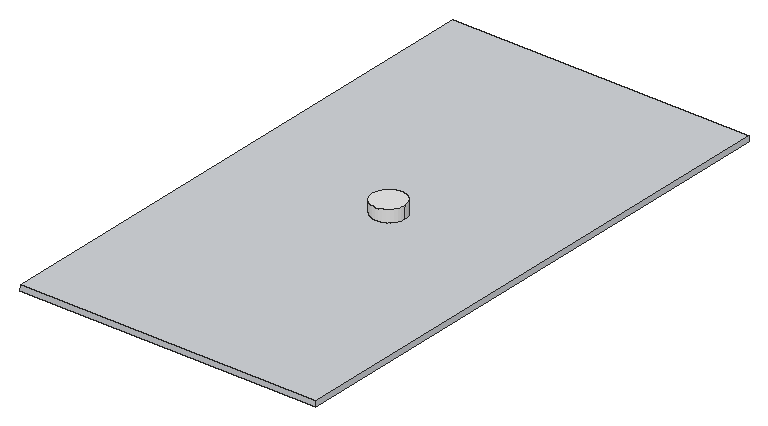
Revit family "Wireless_Hub-Lutron-Vive", category Lighting Devices, host Face, Revit 2017
Family settings
  Host = Face
  Maintain Annotation Orientation = No
  Round Connector Dimension = Use Diameter
  Part Type = Normal
  OmniClass Number = 23.80.30.11
  OmniClass Title = Power Supply Devices
  Cut with Voids When Loaded = No
  Shared = No
  Room Calculation Point = No
Parameters (values of type "HJS-1-FM")
  Warranty URL = "http://www.lutron.com/en-US/Service-Support/Pages/Service/Warranty/Warranty.aspx"
  Voltage = 24 V
  Video Link = "https://www.youtube.com/user/LutronElectronicsInc"
  Version = "2017 - v1.0b"  # constant formula
  URL = "http://www.lutron.com"
  Type Comments = ""
  Surface Mount [instance] = not(Flush Mount)  # no
  Support Phone = "(224) 699-9545"  # constant formula
  Support Email = "mailto: support@anguleris.com"
  Series = "Vive Wireless Hub e™ hub, flush-mount adapter and power supply"
  Product Page URL = "http://www.lutron.com/en-US/Products/Pages/WholeBuildingSystems/Vive/Overview.aspx"
  Product Name = "Vive Wireless Hub"
  Product Documentation Link = "http://www.lutron.com/TechnicalDocumentLibrary/369902_ENG.pdf"
  Performance URL = "http://www.lutron.com/en-US/Service-Support/Pages/Technical/PerfomanceSpecs.aspx"
  Overall Height [instance] = Mounting Height + Hub Height  # 0' - 3 13/128"
  Model = "HJS-1-FM"
  Minimum Operating Temperature = 32 °F
  Maximum Operating Temperature = 104 °F
  Manufacturer Phone Number = "610-282-3800"  # constant formula
  Manufacturer Fax Number = "610-282-1243"  # constant formula
  Manufacturer Email = "mailto:support@lutron.com"
  Manufacturer Address = "7200 Suter Rd, Coopersburg, PA 18036"  # constant formula
  Manufacturer = "Lutron Electronics Co., Inc"  # constant formula
  Keynote = ""
  Instruction Sheet Link = "http://www.lutron.com/TechnicalDocumentLibrary/041653.pdf"
  Hub Material = Plastic - Lutron - White
  Hub Height = 0' - 0 3/16"
  Hub Radius = Hub Diameter / 2  # 0' - 3.4"
  Hub Diameter = 0' - 6.8"
  Hub Vertical Offset [instance] = if(Flush Mount, Mounting Height, 0' 0")  # 0' - 2 117/128"
  Mounting Radius [instance] = Mounting Adaptor Diameter / 2  # 0' - 2 55/64"
  Mounting Height [instance] = if(Flush Mount, 0' 2 117/128", 0' 4 157/256")  # 0' - 2 117/128"
  Mounting Adaptor Diameter [instance] = if(Flush Mount, 0' 5 23/32", 0' 4 205/256")  # 0' - 5 23/32"
  Graphic Symbol Visibility [instance] = not(Annotation Symbol Visibility)  # no
  Flush Mount Visibility = 0
  Flush Mount [instance] = Flush Mount Visibility = 0  # yes
  Description = "Vive™ hub without BACnet"
  Default Elevation = 0' - 0"
  Hub Label = "1"
  Current = 0 A
  Cost Info = "mailto:sales@lutron.com"
  Cost = 0
  Copyright = "© 2019 Lutron Electronics Co., Inc."  # constant formula
  Assembly Code = ""
  Annotation Symbol Visibility [instance] = yes
Types (5): name | Surface Mount | Series | Overall Height | Model | Hub Vertical Offset | Mounting Radius | Mounting Height | Mounting Adaptor Diameter | Flush Mount Visibility | Flush Mount | Description | Hub Label
  HJS-1-FM | no | "Vive Wireless Hub e™ hub, flush-mount adapter and power supply" | 0' - 3 13/128" | "HJS-1-FM" | 0' - 2 117/128" | 0' - 2 55/64" | 0' - 2 117/128" | 0' - 5 23/32" | 0 | yes | "Vive™ hub without BACnet" | "1"
  HJS-1-SM | yes | "VivVive Wireless Hub e™ hub, flush-mount adapter andpower supply" | 0' - 4 205/256" | "HJS-1-SM" | 0' - 0" | 0' - 2.40039" | 0' - 4 157/256" | 0' - 4 205/256" | 1 | no | "Vive™ hub without BACnet" | "1"
  HJS-2-FM | no | "VivVive Wireless Hub e™ hub, flush-mount adapter andpower supply" | 0' - 3 13/128" | "HJS-2-FM" | 0' - 2 117/128" | 0' - 2 55/64" | 0' - 2 117/128" | 0' - 5 23/32" | 0 | yes | "Premium Vive™ hub with BACnet" | "2"
  HJS-2-SM | yes | "VivVive Wireless Hub e™ hub, flush-mount adapter andpower supply" | 0' - 4 205/256" | "HJS-2-SM" | 0' - 0" | 0' - 2.40039" | 0' - 4 157/256" | 0' - 4 205/256" | 1 | no | "Premium Vive™ hub with BACnet" | "2"
  Power Supply | yes | "VivVive Wireless Hub e™ hub, flush-mount adapter andpower supply" | 0' - 4 205/256" | "HJS-2-SM" | 0' - 0" | 0' - 2.40039" | 0' - 4 157/256" | 0' - 4 205/256" | 1 | no | "Premium Vive™ hub with BACnet" | "2"
Reference planes (in)
  plane 1 "Center (Front/Back)": y = 0
  plane 2: z = -0.25
  plane 3 "Center (Left/Right)": x = 0
  plane 4: z = 0.63664
  plane 5: z = -0.25
  plane 6: z = 2.66406
  plane 7: z = -0.4375
Forms (in)
  Extrusion 1, solid
    sketch origin (0, 0, 0) x (1, 0, 0) y (0, 1, 0)
      loop
        line (-27, 48) -> (-27, -48) -> (25.4431, -48) -> (25.4431, 48) -> (-27, 48)
    from -0.25 to 0.63664
  Sweep 2, solid, material "Plastic - Lutron - White" <- "Hub Material"
    path origin (0, 0, -2.75) x (1, 0, 0) y (0, 0, 1)
      loop
        line (0, 2.3125) -> (0, 2.5)
    profile origin (0, 0, -0.34375) x (-1, 0, 0) y (0, -1, 0)
      loop
        circle (0, 0) r 3.4
  Sweep 3, solid, material "Plastic - Lutron - White" <- "Hub Material"
    path origin (0, 0, -2.75) x (1, 0, 0) y (0, 0, 1)
      loop
        line (0, 2.5) -> (0, 5.41406)
    profile origin (0, 0, 1.20703) x (-1, 0, 0) y (0, -1, 0)
      loop
        circle (0, 0) r 2.85938
  Revolve 4, solid, material "Plastic - Lutron - White" <- "Hub Material"
    sketch origin (0, 0, 0) x (1, 0, 0) y (0, 0, 1)
      loop
        line (0, -1.93356) -> (0.11361, -1.93356)
        arc (0.11361, -1.93356) -> (0.13847, -1.92339) -> (0.14907, -1.89872) r 0.03546
        line (0.14907, -1.89872) -> (0.17457, -0.4375) -> (0, -0.4375) -> (0, -1.93356)
      axis (0, -1.93356) -> (0, -0.4375)
    angle from 0 to 360
Lines and regions (in)
  Masking region 1, detail levels fine
    outline origin (0, 0, 0) x (1, 0, 0) y (0, 1, 0)
      loop
        circle (0, 0) r 3.4
Dimensions and locks (in)
  locked: plane 1 "Center (Front/Back)" to Sweep 2 sketch curve at 0
  locked: plane 3 "Center (Left/Right)" to Sweep 2 sketch curve at 0
  locked: plane 1 "Center (Front/Back)" to Sweep 3 sketch curve at 0
  locked: plane 3 "Center (Left/Right)" to Sweep 3 sketch curve at 0
  "Mounting Height": plane 6 to plane 5
  "Hub Height": plane 5 to plane 7
  "Hub Vertical Offset": plane 6 to plane 2
  locked: plane 3 "Center (Left/Right)" to Masking region 1 sketch curve at 0
  locked: plane 1 "Center (Front/Back)" to Masking region 1 sketch curve at 0
  plane 7 to Revolve 4 sketch curve to Revolve 4 sketch curve to Revolve 4 sketch curve to Revolve 4 sketch curve = 0' - 0" locked, 0' - 1.46122" locked, 0' - 0.03485" locked, 0' - 0" locked
  Revolve 4 sketch curve to Revolve 4 sketch curve to Revolve 4 sketch curve to plane 3 "Center (Left/Right)" = 0' - 0.02551" locked, 0' - 0.03546" locked, 0' - 0.11361" locked
  "Hub Radius": radius of Sweep 2 sketch curve
  "Mounting Radius": radius of Sweep 3 sketch curve
  "Hub Diameter": diameter of Masking region 1 sketch curve
  aligned and locked: plane 2 to Extrusion 1
  aligned and locked: plane 4 to Extrusion 1
  aligned and locked: plane 3 "Center (Left/Right)" to Sweep 2 sketch curve
  aligned and locked: plane 3 "Center (Left/Right)" to Sweep 3 sketch curve
  aligned and locked: plane 5 to Sweep 2 sketch curve
  aligned and locked: plane 5 to Sweep 3 sketch curve
  aligned and locked: plane 6 to Sweep 3 sketch curve
  aligned and locked: plane 3 "Center (Left/Right)" to nested 1
  aligned and locked: plane 1 "Center (Front/Back)" to nested 1
  aligned and locked: plane 3 "Center (Left/Right)" to Revolve 4 sketch curve
  aligned and locked: Revolve 4 sketch curve to plane 1 "Center (Front/Back)"
Automatic sketch dimensions
  Extrusion 1 sketch curve to Extrusion 1 sketch curve = 4' - 4.4431"
  Extrusion 1 sketch curve to Extrusion 1 sketch curve = 8' - 0"
  Sweep 2 sketch curve to Sweep 2 sketch curve = 0' - 0 3/16"
  Revolve 4 sketch curve to plane 3 "Center (Left/Right)" = 0' - 0"
  Revolve 4 sketch curve to Revolve 4 sketch curve = 0' - 2.62174"
  Revolve 4 sketch curve to plane 6 = 0' - 2.37909"
Nested families (in)
  nested 1: "Lutron_Lighting_Hub_2_Way_Radio_Annotation" at (0, 0, 0), visible <- "Annotation Symbol Visibility", type "Lutron_Lighting_Dimmer_Annotation", detail levels coarse+medium
Connectors (in)
  electrical at (0, 0, 2.66406)
    settings: on Sweep 3, index 1, voltage 0 V, apparent load 0 VA, apparent load phase1 0 VA, apparent load phase2 0 VA, apparent load phase3 0 VA, power factor 1, load classification "Other", number of poles 1, system type 5, power factor state 1, is connector primary yes, connector utility no, sub classification motor no, connector description "Data Connector"
Definition of nested family "Lutron_Lighting_Hub_2_Way_Radio_Annotation"
  Parameters (values of type "Lutron_Lighting_Hub_Annotation")
    Secondary Label = "1"
    Primary Label = "HUB"
  Reference planes (in)
    plane 1: y = 0
    plane 2: x = 0
  Lines and regions (in)
    Filled region 1, type "Filled region 1"
      outline origin (-0.02034, 0.17757, 0) x (0.707107, -0.707107, 0) y (0.707107, 0.707107, 0)
        loop
          line (0.04949, 0.28359) -> (0.0812, 0.28359) -> (0.06379, 0.32092) -> (0.04949, 0.28359)
    Filled region 2, type "Filled region 1"
      outline origin (0.43603, 0.36721, 0) x (-0.707107, 0.707107, 0) y (-0.707107, -0.707107, 0)
        loop
          line (0.04949, 0.28359) -> (0.0812, 0.28359) -> (0.06379, 0.32092) -> (0.04949, 0.28359)
    detail lines, not visible
      curve 1: line (0, 0.125, 0) -> (0, 0, 0)
    reference lines
      curve 2: line (0, 0.0625, 0) -> (-0.11983, 0.0625, 0)
      curve 3: line (0.10095, -0.04722, 0) -> (0.10095, 0.09386, 0)
      curve 4: line (0.10095, -0.04722, 0) -> (0.28349, -0.04722, 0)
      curve 5: line (0.10095, 0.04579, 0) -> (0.31014, 0.04579, 0)
    detail lines
      curve 6: line (0.14095, 0.23046, 0) -> (0.11813, 0.23658, 0)
      curve 7: line (0.1303, 0.27018, 0) -> (0.14095, 0.23046, 0)
      curve 8: line (0.1303, 0.27018, 0) -> (0.17706, 0.25765, 0)
      curve 9: line (0.16453, 0.30441, 0) -> (0.17706, 0.25765, 0)
      curve 10: line (0.16453, 0.30441, 0) -> (0.21129, 0.29188, 0)
      curve 11: line (0.20125, 0.32934, 0) -> (0.21129, 0.29188, 0)
      curve 12: line (0.22407, 0.32323, 0) -> (0.20125, 0.32934, 0)
      curve 13: line (0.27474, 0.31431, 0) -> (0.29756, 0.3082, 0)
      curve 14: line (0.28539, 0.27459, 0) -> (0.27474, 0.31431, 0)
      curve 15: line (0.28539, 0.27459, 0) -> (0.23863, 0.28712, 0)
      curve 16: line (0.25116, 0.24036, 0) -> (0.23863, 0.28712, 0)
      curve 17: line (0.25116, 0.24036, 0) -> (0.2044, 0.25289, 0)
      curve 18: line (0.21444, 0.21543, 0) -> (0.2044, 0.25289, 0)
      curve 19: line (0.19162, 0.22155, 0) -> (0.21444, 0.21543, 0)
      curve 20: circle (0, 0.06458, 0) r 0.1875 normal (0, 0, 1)
  Text (in)
    label "HUB" at (0.00317, 0.13768, 0), shows "Primary Label"
    label "1" at (-0.00093, -0.00827, 0), shows "Secondary Label"
  Dimensions and locks (in)
    locked: curve 4 to curve 5 at 0.09301
    locked: curve 1 to curve 3 at 0.10095
    curve 1 to curve 1 = 0' - 0 1/8"
    locked: plane 1 to curve 2 at 0.0625
    locked: curve 20 to curve 1
    aligned and locked: curve 1 to curve 2
    aligned and locked: plane 1 to curve 1
    aligned and locked: curve 1 to plane 2
    aligned and locked: plane 2 to curve 1
